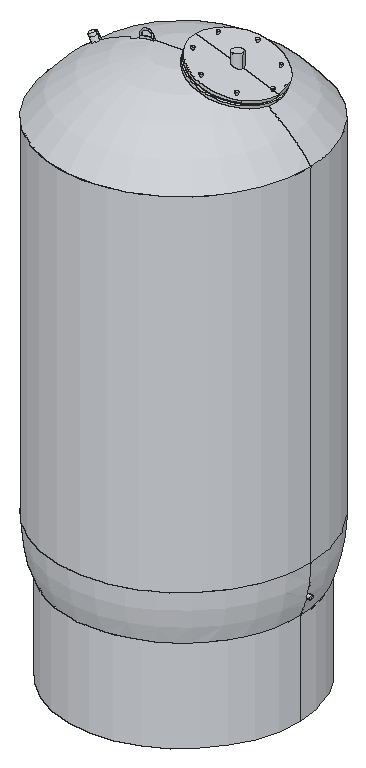
Revit family "NLA-10000", category Mechanical Equipment, Revit 2014
Parameters (values of type "NLA-10000")
  URL = "http://westank.com/"
  Top Clearence = B * 0.03194  # 5.20622"
  TankVolume = "2640 Gallons"
  SystemConnectionAngle = 50.00°
  PartNumber = "22019999"
  OuterRadius = D / 2  # 33"
  Model = "NLA-10000"
  MaximumOperatingTemperature = "240°F"
  MaximumOperatingPressure = "125 PSIG"
  Manufacturer = "Wessels Company"
  InnerRadius = (D * 0.9844) / 2  # 32.4852"
  HandleAngle = 110.00°
  F = 1"
  DrainAngle = 63.00°
  D = 66"
  CylinderHeight = B * 0.90693  # 147.82959"
  Cyl TOp = B * 0.1616  # 26.3408"
  Cyl Middle = B * 0.62996  # 102.68348"
  Cyl Botttom = B * 0.07034  # 11.46542"
  C = 3"
  B = 163"
  ApproximateShipmentWeight = "4845 lbs"
  Angle = 50.00°
  A = 72"
Reference planes (in)
  plane 1 "Center (Front/Back)": y = 0
  plane 2: z = 0
  plane 3 "Center (Left/Right)": x = 0
  plane 4: x = -36
  plane 5: y = 1.9685
  plane 6: y = -1.9685
  plane 7: z = 163
  plane 8: x = 36
  plane 9: z = 62.8728
  plane 10: x = -33
  plane 11: x = 33
  plane 12: z = 157.79378
  plane 13: y = 0
  plane 14: y = 8.22887
  plane 15: y = -8.22887
  plane 16: through (34.73942, -180, 32.06264) normal (0.2978, 0, 0.9546)
  plane 17: through (35.03725, -180, 33.01726) normal (0.2978, 0, 0.9546)
  plane 18: z = 139.0067
  plane 19: through (24.13597, -180, 153.74904) normal (-0.9563, 0, 0.2924)
  plane 20: through (23.96502, -180, 155.29779) normal (0.9563, 0, -0.2924)
  plane 21: through (26.04858, -180, 153.16429) normal (-0.9563, 0, 0.2924)
  plane 22: through (25.87763, -180, 154.71305) normal (0.9563, 0, -0.2924)
  plane 23: through (34.88834, -180, 32.53995) normal (0.2978, 0, 0.9546)
  plane 24: x = 13.80607
  plane 25: x = 15.30607
  plane 26: x = 16.80607
  plane 27: x = 15.30607
  plane 28: x = -35.65688
  plane 29: through (25.328, -180, 156.04315) normal (0.9584, 0, -0.2854)
  plane 30: through (26.63965, -180, 155.09761) normal (0.9563, 0, -0.2924)
Forms (in)
  Revolve 1, solid
    sketch origin (0, 0, -5.125) x (1, 0, 0) y (0, 0, 1)
      loop
        arc (0, 162.91878) -> (-20.12132, 159.07442) -> (-36, 146.1317) r 41.80194
        line (-36, 146.1317) -> (-36, 46.1761)
        arc (-36, 46.1761) -> (-25.45201, 21.03039) -> (0, 11.24458) r 34.74246
        line (0, 11.24458) -> (0, 162.91878)
      axis (0, 162.91878) -> (0, 11.24458)
    angle from 0 to 360
  Extrusion 2, solid
    sketch origin (0, 0, 0) x (1, 0, 0) y (0, 1, 0)
      loop
        circle (0, 0) r 33
      loop
        circle (0, 0) r 32.4852
    from 31.0921 to 0
  Revolve 3, solid
    sketch origin (-21.84626, 0, 146.59769) x (-0.485727, 0, 0.87411) y (-0.87411, 0, -0.485727)
      loop
        line (5.44847, -0.0719) -> (5.44847, -1.16029) -> (6.95487, -1.16029) -> (6.95487, -1.12732) -> (7.76301, -1.12732)
        arc (7.76301, -1.12732) -> (8.10825, -0.65594) -> (8.12516, -0.0719) r 0.9835
        line (8.12516, -0.0719) -> (5.44847, -0.0719)
      axis (5.44847, -0.0719) -> (8.12516, -0.0719)
    angle from 0 to 360
  Sweep 4, solid
    path origin (-9.2342, 0, 151.749) x (-0.169974, 0, 0.985448) y (-0.985448, 0, -0.169974)
      loop
        arc (6.10198, 1.75) -> (7.85198, 0) -> (6.10198, -1.75) r 1.75
    profile origin (-10.56883, 0, 159.48672) x (-0.169974, 0, 0.985448) y (0, -1, 0)
      loop
        circle (0, 0) r 0.15625
  Extrusion 5, solid
    sketch origin (-8.40558, 0, 146.94494) x (-0.169974, 0, 0.985448) y (-0.985448, 0, -0.169974)
      loop
        line (10.97698, 1.90561) -> (10, 1.90561) -> (10, -1.9095) -> (10.97698, -1.9095) -> (10.97698, 1.90561)
    from 0.15626 to -0.15626
  Sweep 6, solid
    path origin (-30.57549, 0, 94.9357) x (-1, 0, 0) y (0, 0, -1)
      loop
        arc (6.10198, 1.75) -> (7.85198, 0) -> (6.10198, -1.75) r 1.75
    profile origin (-38.42747, 0, 94.9357) x (-1, 0, 0) y (0, -1, 0)
      loop
        circle (0, 0) r 0.15625
  Extrusion 7, solid
    sketch origin (-25.70049, 0, 94.9357) x (-1, 0, 0) y (0, 0, -1)
      loop
        line (10.97698, 1.90561) -> (10, 1.90561) -> (10, -1.9095) -> (10.97698, -1.9095) -> (10.97698, 1.90561)
    from 0.15626 to -0.15626
  Revolve 8, solid
    sketch origin (4.34647, 0, 101.98756) x (0.292372, 0, 0.956305) y (-0.956305, 0, 0.292372)
      loop
        line (58.39395, 6.44322) -> (53.56713, 6.44322) -> (53.56713, -2.59231)
        arc (53.56713, -2.59231) -> (54.84471, -2.22173) -> (56.12229, -2.59231) r 2.38754
        line (56.12229, -2.59231) -> (56.12229, -5.7912) -> (56.87229, -5.7912) -> (56.87229, -5.17492) -> (57.62229, -5.17492) -> (57.62229, -5.7912) -> (58.39395, -5.7912) -> (58.39395, 6.44322)
      axis (53.56713, 6.44322) -> (58.39395, 6.44322)
    angle from 0 to 360
  Extrusion 9, solid
    sketch origin (10.38531, 0, 93.35849) x (1, 0, 0) y (0, 1, 0)
      loop
        circle (4.92076, 0) r 1.5
    from 69.64151 to 64.43529
  Extrusion 10, solid
    sketch origin (21.76272, -10.2855, 157.50103) x (0.852423, -0.457098, -0.253843) y (0.438086, 0.889416, -0.130458)
      loop
        circle (-1.65206, 10.75183) r 0.3937
    from 0.59055 to -2.40615
  Extrusion 11, solid
    sketch origin (11.36739, -11.56106, 160.67635) x (0.183804, -0.98172, -0.049426) y (0.939806, 0.190247, -0.283849)
      loop
        circle (-1.65206, 10.75183) r 0.3937
    from 0.59055 to -2.40615
  Extrusion 12, solid
    sketch origin (4.01866, -4.25285, 162.92308) x (-0.623813, -0.756211, 0.197487) y (0.724166, -0.654289, -0.217921)
      loop
        circle (-1.65206, 10.75183) r 0.3937
    from 0.59055 to -2.40615
  Extrusion 13, solid
    sketch origin (4.97228, 6.30496, 162.63153) x (-0.95333, 0.047116, 0.298231) y (-0.044065, -0.998885, 0.01695)
      loop
        circle (-1.65206, 10.75183) r 0.3937
    from 0.59055 to -2.40615
  Extrusion 14, solid
    sketch origin (13.49958, 12.04516, 160.02447) x (-0.552964, 0.814442, 0.175826) y (-0.777882, -0.580235, 0.241301)
      loop
        circle (-1.65206, 10.75183) r 0.3937
    from 0.59055 to -2.40615
  Extrusion 15, solid
    sketch origin (23.08489, 8.58169, 157.09395) x (0.271367, 0.959455, -0.076197) y (-0.916579, 0.281771, 0.283705)
      loop
        circle (-1.65206, 10.75183) r 0.3937
    from 0.59055 to -2.40615
  Extrusion 16, solid
    sketch origin (26.40408, -1.43903, 156.07917) x (0.889793, 0.371351, -0.265269) y (-0.354177, 0.928476, 0.111761)
      loop
        circle (-1.65206, 10.75183) r 0.3937
    from 0.59055 to -2.40615
  Extrusion 17, solid
    sketch origin (0, 0, 0) x (0, 1, 0) y (0, 0, 1)
      loop
        circle (0, 139.0067) r 0.5
    from -38.00388 to -35.65688
  Revolve 18, solid
    sketch origin (73.57553, 0, 61.63496) x (-0.9827, 0, -0.185205) y (-0.185205, 0, 0.9827)
      loop
        line (43.18407, -20.97857) -> (42.04124, -21.58622) -> (42.27598, -22.0277) -> (43.4188, -21.42005) -> (43.18407, -20.97857)
      axis (43.4188, -21.42005) -> (42.27598, -22.0277)
    angle from 0 to 360
Cuts and joins
  joined: Revolve 1, Extrusion 2, Revolve 3, Extrusion 5, Extrusion 7, Revolve 8, Extrusion 9, Revolve 18
Lines and regions (in)
  reference lines
    curve 1: line (0, 0, 62.8728) -> (-4.66021, 0, 68.42662)
    curve 2: line (0, 0, 62.8728) -> (-2.47965, 0, 69.68557)
    curve 3: line (0, 0, 37.37031) -> (16.48362, 0, 28.97148)
Dimensions and locks (in)
  equal spacing: plane 5, plane 1 "Center (Front/Back)", plane 6
  "B": plane 7 to level
  equal spacing: plane 8, plane 3 "Center (Left/Right)", plane 4
  "A": plane 8 to plane 4
  equal spacing: plane 11, plane 3 "Center (Left/Right)", plane 10
  locked: Revolve 3 sketch curve to Revolve 3 sketch curve at 0.03297
  equal spacing: plane 14, plane 13, plane 15
  "F": plane 17 to plane 16
  Revolve 1 sketch curve to level = 6.11958"
  "Top Clearence": plane 7 to plane 12
  locked: Extrusion 17 sketch curve to plane 13 at 0
  locked: Extrusion 17 sketch curve to plane 18
  locked: Revolve 1 to plane 18 at 2
  "D": plane 11 to plane 10
  equal spacing: plane 17, plane 23, plane 16
  "C": plane 24 to plane 26
  equal spacing: plane 24, plane 27, plane 26
  locked: Extrusion 17 to Extrusion 17 at 2.347
  locked: Revolve 8 sketch curve to Revolve 8 sketch curve at 0.77166
  locked: Revolve 8 sketch curve to Revolve 8 sketch curve at 0.75
  Revolve 8 sketch curve to Revolve 8 sketch curve = 3/4"
  "OuterRadius": radius of Extrusion 2 sketch curve
  "InnerRadius": radius of Extrusion 2 sketch curve
  "C": diameter of Extrusion 9 sketch curve
  "Angle": angle curve 1 to plane 9
  "HandleAngle": angle plane 9 to curve 2
  "DrainAngle": angle plane 3 "Center (Left/Right)" to curve 3
  aligned and locked: level to plane 2
  aligned and locked: Extrusion 2 to level
  aligned and locked: plane 4 to Revolve 1 sketch curve
  aligned and locked: plane 3 "Center (Left/Right)" to curve 1
  aligned and locked: plane 9 to curve 1
  aligned and locked: Revolve 3 sketch curve to Revolve 3 sketch curve
  aligned and locked: plane 9 to curve 2
  aligned and locked: plane 3 "Center (Left/Right)" to curve 2
  aligned and locked: Extrusion 5 sketch curve to Sweep 4
  aligned and locked: plane 3 "Center (Left/Right)" to curve 3
  aligned and locked: plane 12 to Revolve 1 sketch curve
  aligned and locked: Extrusion 7 sketch curve to Sweep 6
  aligned and locked: Revolve 8 sketch curve to Revolve 8 sketch curve
  aligned and locked: plane 7 to Extrusion 9
  aligned and locked: Revolve 18 sketch curve to plane 17
  aligned and locked: Revolve 18 sketch curve to plane 23
  aligned and locked: Revolve 18 sketch curve to Revolve 18 sketch curve
  aligned and locked: plane 24 to Extrusion 9
  aligned and locked: plane 28 to Extrusion 17
Automatic sketch dimensions
  curve 2 to Sweep 6 sketch curve = 36.67747"
  Sweep 6 sketch curve to curve 2 = 32.0629"
  Sweep 6 sketch curve to Sweep 6 sketch curve = 1 3/4"
  Sweep 6 sketch curve to profile plane = 0"
  profile plane to Sweep 6 sketch curve = 0"
  Extrusion 7 sketch curve to Extrusion 7 sketch curve = 0.97698"
  Extrusion 7 sketch curve to curve 2 = 33.9724"
  Extrusion 7 sketch curve to Extrusion 7 sketch curve = 3.81511"
  curve 2 to Sweep 4 sketch curve = 88.11936"
  Sweep 4 sketch curve to curve 2 = 7.29242"
  Sweep 4 sketch curve to Sweep 4 sketch curve = 1 3/4"
  Sweep 4 sketch curve to profile plane = 0"
  profile plane to Sweep 4 sketch curve = 0"
  Extrusion 5 sketch curve to Extrusion 5 sketch curve = 0.97698"
  Extrusion 5 sketch curve to curve 2 = 9.20192"
  Extrusion 5 sketch curve to Extrusion 5 sketch curve = 3.81511"
  plane 8 to Revolve 18 sketch curve = 0.25948"
  Revolve 18 sketch curve to Revolve 18 sketch curve = 1.14282"
  Revolve 18 sketch curve to Revolve 18 sketch curve = 0.62307"
  Revolve 18 sketch curve to Revolve 18 sketch curve = 0"
  Extrusion 2 sketch curve to Extrusion 2 sketch curve = 0"  (x2)
  plane 1 "Center (Front/Back)" to Extrusion 2 sketch curve = 0"
  Extrusion 2 sketch curve to plane 3 "Center (Left/Right)" = 0"
  plane 1 "Center (Front/Back)" to Extrusion 9 sketch curve = 0"
  Extrusion 9 sketch curve to plane 25 = 0"
  Revolve 1 sketch curve to plane 3 "Center (Left/Right)" = 0"  (x2)
  Revolve 1 sketch curve to plane 3 "Center (Left/Right)" = 2.45505"
  Revolve 1 sketch curve to plane 3 "Center (Left/Right)" = 1.25819"
  Revolve 1 sketch curve to Revolve 1 sketch curve = 34.71967"
  Revolve 1 sketch curve to Revolve 1 sketch curve = 0"
  Revolve 1 sketch curve to Revolve 1 sketch curve = 1.18638"
  curve 3 to plane 16 = 5.27941"
  plane 21 to Revolve 8 sketch curve = 0"
  Revolve 8 sketch curve to plane 22 = 0"
  Revolve 8 sketch curve to plane 20 = 9.61813"
  Revolve 8 sketch curve to plane 22 = 0.56565"
  Revolve 8 sketch curve to Revolve 8 sketch curve = 1.27758"  (x2)
  Revolve 8 sketch curve to plane 20 = 0.58261"
  Revolve 8 sketch curve to Revolve 8 sketch curve = 8.25878"
  Revolve 8 sketch curve to Revolve 8 sketch curve = 1.0856"
  Revolve 8 sketch curve to Revolve 8 sketch curve = 0"
  curve 1 to Revolve 3 sketch curve = 82.12635"
  Revolve 3 sketch curve to Revolve 3 sketch curve = 1.5064"
  Revolve 3 sketch curve to Revolve 3 sketch curve = 0"
  Revolve 3 sketch curve to Revolve 3 sketch curve = 0.22312"
  Revolve 3 sketch curve to Revolve 3 sketch curve = 0.80814"
  Revolve 3 sketch curve to Revolve 3 sketch curve = 0.94717"
  Revolve 3 sketch curve to curve 1 = 24.1076"
  Revolve 3 sketch curve to Revolve 3 sketch curve = 0.79058"
  Revolve 3 sketch curve to Revolve 3 sketch curve = 5.44847"
  Revolve 3 sketch curve to Revolve 3 sketch curve = 0.07201"
  Revolve 8 sketch curve to plane 24 = 0.04023"
  plane 18 to Revolve 1 sketch curve = 22.94271"
  radius of Extrusion 10 sketch curve = 0.3937"
  radius of Extrusion 11 sketch curve = 0.3937"
  radius of Extrusion 12 sketch curve = 0.3937"
  radius of Extrusion 13 sketch curve = 0.3937"
  radius of Extrusion 14 sketch curve = 0.3937"
  radius of Extrusion 15 sketch curve = 0.3937"
  radius of Extrusion 16 sketch curve = 0.3937"
  radius of Sweep 6 sketch curve = 5/32"
  radius of Extrusion 17 sketch curve = 1/2"
  radius of Sweep 4 sketch curve = 5/32"
Connectors (in)
  piping at (15.30607, 0, 163), diameter 3, driven by "C"
    settings: on Extrusion 9, index 3, connector inside diameter 24", connector length 0", flow factor 0, pipe flow 0 GPM, pressure drop 0.00 psi, fitting loss kfactor 0, connector angle 0.00°, fixture units 0, engagement length 0", angle of deflection 0.00°, flow configuration 0, flow direction 0, fitting loss method 0, system type 7, joint type 0, gender type 0, connector reference index -1, connector utility 0, adjustable connector no, is connector primary yes, connector description ""
